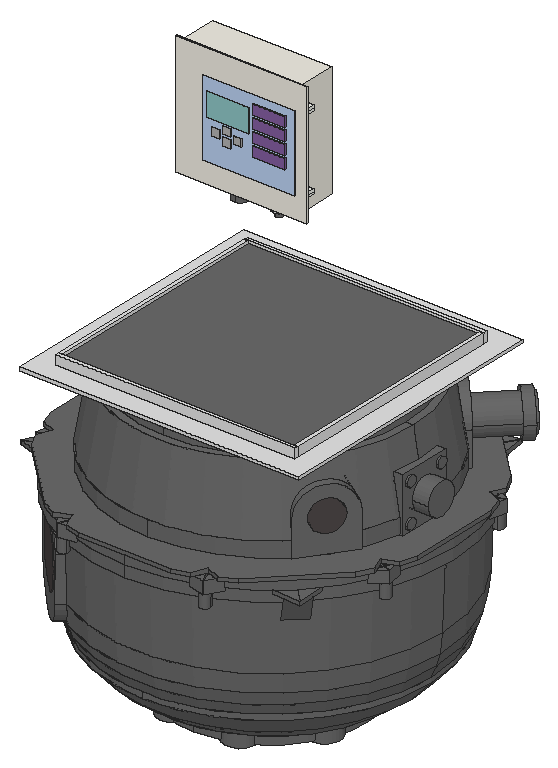
Revit family "280550sc (200)", category Generic Models, Revit 2021 (continued)
Definition of nested family "280550sc (200)_part2_X0Y0"
  Definition of nested family "280550sc (200)_part2_content"
    Forms (mm)
      Extrusion 16, solid, detail levels medium+fine
        sketch origin (-190, -190, 461) x (0, 1, 0) y (0, 0, 1)
          loop
            line (0, 7.5) -> (0, 0) -> (380, 0) -> (380, 7.5) -> (0, 7.5)
        from 0 to 380
      Extrusion 17, solid, detail levels medium+fine
        sketch origin (0, 0, 461) x (0, 1, 0) y (-1, 0, 0)
          loop
            circle (0, 0) r 208.5
        from 0 to 7.5
      Extrusion 18, solid, detail levels medium+fine
        sketch origin (-222, -222, 468.5) x (0, 1, 0) y (0, 0, 1)
          loop
            line (0, 5) -> (0, 0) -> (444, 0) -> (444, 5) -> (0, 5)
        from 0 to 444
      Extrusion 19, solid, detail levels medium+fine
        sketch origin (-184, -184, 473.5) x (0, 1, 0) y (0, 0, 1)
          loop
            line (0, 12) -> (0, 0) -> (368, 0) -> (368, 12) -> (0, 12)
        from 0 to 368
      Extrusion 20, solid, detail levels medium+fine
        sketch origin (0, 60, 320) x (0, -1, 0) y (0, 0, 1)
          loop
            line (0, 50) -> (0, 0) -> (120, 0) -> (120, 50) -> (0, 50)
        from 0 to 245.5
      Extrusion 21, solid, detail levels medium+fine
        sketch origin (0, 0, 370) x (0, -1, 0) y (0, 0, 1)
          loop
            circle (0, 0) r 60
        from 0 to 245.5
      Extrusion 22, solid, detail levels medium+fine
        sketch origin (-244, 0, 370) x (0, -1, 0) y (0, 0, 1)
          loop
            circle (0, 0) r 35.1
        from 0 to 1.75
      Extrusion 23, solid, detail levels medium+fine
        sketch origin (31.82, -31.82, 320) x (-0.707107, 0.707107, 0) y (0, 0, 1)
          loop
            line (0, 55.25) -> (0, 0) -> (90, 0) -> (90, 55.25) -> (0, 55.25)
        from 0 to 245.5
      Extrusion 24, solid, detail levels medium+fine
        sketch origin (0, 0, 375.25) x (-0.707107, 0.707107, 0) y (0, 0, 1)
          loop
            circle (0, 0) r 45
        from 0 to 245.5
      Extrusion 25, solid, detail levels medium+fine
        sketch origin (0, 0, 370) x (-0.707107, 0.707107, 0) y (0, 0, 1)
          loop
            circle (0, 0) r 27.7
        from 0 to 311.36
      Extrusion 26, solid, detail levels medium+fine
        sketch origin (0, 27.5, 332.75) x (0, 1, 0) y (0, 0, 1)
          loop
            circle (0, 0) r 8
        from 0 to 250
      Extrusion 27, solid, detail levels medium+fine
        sketch origin (0, -46.25, 320) x (0, 1, 0) y (0, 0, 1)
          loop
            line (0, 86.5) -> (0, 0) -> (86.5, 0) -> (86.5, 86.5) -> (0, 86.5)
        from 0 to 245.5
      Extrusion 28, solid, detail levels medium+fine
        sketch origin (0, -3, 363.25) x (0, 1, 0) y (0, 0, 1)
          loop
            circle (0, 0) r 24.75
        from 0 to 272.5
      Extrusion 29, solid, detail levels medium+fine
        sketch origin (0, 27.5, 393.75) x (0, 1, 0) y (0, 0, 1)
          loop
            circle (0, 0) r 8
        from 0 to 250
      Extrusion 30, solid, detail levels medium+fine
        sketch origin (0, -33.5, 332.75) x (0, 1, 0) y (0, 0, 1)
          loop
            circle (0, 0) r 8
        from 0 to 250
      Extrusion 31, solid, detail levels medium+fine
        sketch origin (0, -33.5, 393.75) x (0, 1, 0) y (0, 0, 1)
          loop
            circle (0, 0) r 8
        from 0 to 250
      Extrusion 32, solid, detail levels medium+fine
        sketch origin (-25.811, -36.862, 320) x (0.573577, 0.819152, 0) y (0, 0, 1)
          loop
            line (0, 55.25) -> (0, 0) -> (90, 0) -> (90, 55.25)
            arc (90, 55.25) -> (45, 100.25) -> (0, 55.25) r 45
        from 0 to 245.5
      Extrusion 33, solid, detail levels medium+fine
        sketch origin (199.873, -139.953, 375.25) x (0.573577, 0.819152, 0) y (0, 0, 1)
          loop
            circle (0, 0) r 25
        from 0 to 1.75
      Extrusion 34, solid, detail levels medium+fine
        sketch origin (-53.002, 127.957, 0) x (-0.92388, -0.382683, 0) y (0.382683, -0.92388, 0)
          loop
            circle (0, 0) r 25
        from 0 to 28.5
      Extrusion 35, solid, detail levels medium+fine
        sketch origin (-127.957, -53.002, 0) x (0.382683, -0.92388, 0) y (0.92388, 0.382683, 0)
          loop
            circle (0, 0) r 25
        from 0 to 28.5
      Extrusion 36, solid, detail levels medium+fine
        sketch origin (53.002, -127.957, 0) x (0.92388, 0.382683, 0) y (-0.382683, 0.92388, 0)
          loop
            circle (0, 0) r 25
        from 0 to 28.5
      Extrusion 37, solid, detail levels medium+fine
        sketch origin (53.002, 127.957, 0) x (-0.923879, 0.382684, 0) y (-0.382684, -0.923879, 0)
          loop
            circle (0, 0) r 25
        from 0 to 28.5
      Extrusion 38, solid, detail levels medium+fine
        sketch origin (-127.957, 53.002, 0) x (-0.382684, -0.923879, 0) y (0.923879, -0.382684, 0)
          loop
            circle (0, 0) r 25
        from 0 to 28.5
      Extrusion 39, solid, detail levels medium+fine
        sketch origin (-53.002, -127.957, 0) x (0.923879, -0.382684, 0) y (0.382684, 0.923879, 0)
          loop
            circle (0, 0) r 25
        from 0 to 28.5
      Extrusion 40, solid, detail levels medium+fine
        sketch origin (127.957, -53.002, 0) x (0.382684, 0.923879, 0) y (-0.923879, 0.382684, 0)
          loop
            circle (0, 0) r 25
        from 0 to 28.5
      Extrusion 41, solid, detail levels medium+fine
        sketch origin (127.957, 53.002, 0) x (-0.382683, 0.92388, 0) y (-0.92388, -0.382683, 0)
          loop
            circle (0, 0) r 25
        from 0 to 28.5
      Extrusion 42, solid, detail levels medium+fine
        sketch origin (0, 0, 209) x (0, -1, 0) y (0, 0, 1)
          loop
            line (-72.693, 35.337) -> (-68.918, -37.767)
            arc (-68.918, -37.767) -> (-63.198, -56.139) -> (-50.593, -70.678) r 46.983
            line (-50.593, -70.678) -> (-49.193, -71.697)
            arc (-49.193, -71.697) -> (-25.794, -83.147) -> (0, -86.788) r 83.079
            arc (0, -86.788) -> (25.794, -83.147) -> (49.193, -71.697) r 83.079
            line (49.193, -71.697) -> (50.593, -70.678)
            arc (50.593, -70.678) -> (63.198, -56.139) -> (68.918, -37.767) r 46.983
            line (68.918, -37.767) -> (72.693, 35.337)
            arc (72.693, 35.337) -> (71.616, 38.805) -> (69.783, 41.939) r 15.989
            arc (69.783, 41.939) -> (60.032, 51.336) -> (48.652, 58.679) r 69.984
            line (48.652, 58.679) -> (47.252, 59.417)
            arc (47.252, 59.417) -> (24.369, 68.322) -> (0, 71.344) r 99.373
            arc (0, 71.344) -> (-24.369, 68.322) -> (-47.252, 59.417) r 99.373
            line (-47.252, 59.417) -> (-48.652, 58.679)
            arc (-48.652, 58.679) -> (-60.032, 51.336) -> (-69.783, 41.939) r 69.984
            arc (-69.783, 41.939) -> (-71.616, 38.805) -> (-72.693, 35.337) r 15.989
        from 0 to 277.5
      Extrusion 43, solid, detail levels medium+fine
        sketch origin (0, 0, 209) x (0, -1, 0) y (0, 0, 1)
          loop
            circle (0, 0) r 55
        from 0 to 326
      Extrusion 44, solid, detail levels medium+fine
        sketch origin (0, 0, 209) x (0.707107, -0.707107, 0) y (0, 0, 1)
          loop
            line (-72.693, 35.337) -> (-68.918, -37.767)
            arc (-68.918, -37.767) -> (-63.198, -56.139) -> (-50.593, -70.678) r 46.983
            line (-50.593, -70.678) -> (-49.193, -71.697)
            arc (-49.193, -71.697) -> (-25.794, -83.147) -> (0, -86.788) r 83.079
            arc (0, -86.788) -> (25.794, -83.147) -> (49.193, -71.697) r 83.079
            line (49.193, -71.697) -> (50.593, -70.678)
            arc (50.593, -70.678) -> (63.198, -56.139) -> (68.918, -37.767) r 46.983
            line (68.918, -37.767) -> (72.693, 35.337)
            arc (72.693, 35.337) -> (71.616, 38.805) -> (69.783, 41.939) r 15.989
            arc (69.783, 41.939) -> (60.032, 51.336) -> (48.652, 58.679) r 69.984
            line (48.652, 58.679) -> (47.252, 59.417)
            arc (47.252, 59.417) -> (24.369, 68.322) -> (0, 71.344) r 99.373
            arc (0, 71.344) -> (-24.369, 68.322) -> (-47.252, 59.417) r 99.373
            line (-47.252, 59.417) -> (-48.652, 58.679)
            arc (-48.652, 58.679) -> (-60.032, 51.336) -> (-69.783, 41.939) r 69.984
            arc (-69.783, 41.939) -> (-71.616, 38.805) -> (-72.693, 35.337) r 15.989
        from 0 to 277.5
      Extrusion 45, solid, detail levels medium+fine
        sketch origin (0, 0, 209) x (-0.707107, -0.707107, 0) y (0, 0, 1)
          loop
            line (-72.693, 35.337) -> (-68.918, -37.767)
            arc (-68.918, -37.767) -> (-63.198, -56.139) -> (-50.593, -70.678) r 46.983
            line (-50.593, -70.678) -> (-49.193, -71.697)
            arc (-49.193, -71.697) -> (-25.794, -83.147) -> (0, -86.788) r 83.079
            arc (0, -86.788) -> (25.794, -83.147) -> (49.193, -71.697) r 83.079
            line (49.193, -71.697) -> (50.593, -70.678)
            arc (50.593, -70.678) -> (63.198, -56.139) -> (68.918, -37.767) r 46.983
            line (68.918, -37.767) -> (72.693, 35.337)
            arc (72.693, 35.337) -> (71.616, 38.805) -> (69.783, 41.939) r 15.989
            arc (69.783, 41.939) -> (60.032, 51.336) -> (48.652, 58.679) r 69.984
            line (48.652, 58.679) -> (47.252, 59.417)
            arc (47.252, 59.417) -> (24.369, 68.322) -> (0, 71.344) r 99.373
            arc (0, 71.344) -> (-24.369, 68.322) -> (-47.252, 59.417) r 99.373
            line (-47.252, 59.417) -> (-48.652, 58.679)
            arc (-48.652, 58.679) -> (-60.032, 51.336) -> (-69.783, 41.939) r 69.984
            arc (-69.783, 41.939) -> (-71.616, 38.805) -> (-72.693, 35.337) r 15.989
        from 0 to 277.5
      Extrusion 46, solid, detail levels medium+fine
        sketch origin (-195.161, -195.161, 209) x (0.707107, -0.707107, 0) y (0, 0, 1)
          loop
            circle (0, 0) r 50.1
        from 0 to 1.75
      Extrusion 47, solid, detail levels medium+fine
        sketch origin (-195.162, 195.162, 209) x (-0.707107, -0.707107, 0) y (0, 0, 1)
          loop
            circle (0, 0) r 50.1
        from 0 to 1.75
      Extrusion 48, solid, detail levels medium+fine
        sketch origin (220.165, 220.165, 370) x (-0.707107, 0.707107, 0) y (0, 0, 1)
          loop
            circle (0, 0) r 34.75
        from 0 to 15.7
      Extrusion 49, solid, detail levels medium+fine
        sketch origin (230.559, 230.559, 370) x (-0.707107, 0.707107, 0) y (0, 0, 1)
          loop
            circle (0, 0) r 27.7
        from 0 to 4.8
      Extrusion 50, solid, detail levels medium+fine
        sketch origin (232.893, 232.893, 370) x (-0.707107, 0.707107, 0) y (0, 0, 1)
          loop
            circle (0, 0) r 20
        from 0 to 1.7
      Extrusion 51, solid, detail levels medium+fine
        sketch origin (240.105, 225.963, 364) x (-0.707107, 0.707107, 0) y (0, 0, 1)
          loop
            circle (0, 0) r 4.2
        from 0 to 1.8
      Extrusion 52, solid, detail levels medium+fine
        sketch origin (240.105, 225.963, 376) x (-0.707107, 0.707107, 0) y (0, 0, 1)
          loop
            circle (0, 0) r 4.2
        from 0 to 1.8
      Extrusion 53, solid, detail levels medium+fine
        sketch origin (225.963, 240.105, 376) x (-0.707107, 0.707107, 0) y (0, 0, 1)
          loop
            circle (0, 0) r 4.2
        from 0 to 1.8
      Extrusion 54, solid, detail levels medium+fine
        sketch origin (225.963, 240.105, 364) x (-0.707107, 0.707107, 0) y (0, 0, 1)
          loop
            circle (0, 0) r 4.2
        from 0 to 1.8
      Extrusion 55, solid, detail levels medium+fine
        sketch origin (-259.107, -87.843, 294.5) x (-0.92388, -0.382683, 0) y (0, 0, -1)
          loop
            line (0, 48.5) -> (0, 0) -> (29.9, 0) -> (0, 48.5)
        from 0 to 36
      Extrusion 56, solid, detail levels medium+fine
        sketch origin (-272.082, -112.7, 273) x (0.382683, -0.92388, 0) y (0.92388, 0.382683, 0)
          loop
            circle (0, 0) r 7.75
        from 0 to 21.5
      Extrusion 57, solid, detail levels medium+fine
        sketch origin (-265.153, -109.83, 300) x (-0.92388, -0.382683, 0) y (-0.382683, 0.92388, 0)
          loop
            line (36.5, 0) -> (0, 0) -> (0, -32) -> (36.5, 0)
        from 0 to 5.5
      Extrusion 58, solid, detail levels medium+fine
        sketch origin (-265.153, -109.83, 314) x (-0.92388, -0.382683, 0) y (-0.382683, 0.92388, 0)
          loop
            line (17, 0) -> (0, 0) -> (0, -25) -> (17, 0)
        from 0 to 14
      Extrusion 59, solid, detail levels medium+fine
        sketch origin (-265.153, -109.83, 294.5) x (-0.382683, 0.92388, 0) y (-0.92388, -0.382683, 0)
          loop
            line (0, 36.5) -> (0, 0) -> (32, 0) -> (0, 36.5)
        from 0 to 5.5
      Extrusion 60, solid, detail levels medium+fine
        sketch origin (-265.153, -109.83, 300) x (-0.382683, 0.92388, 0) y (-0.92388, -0.382683, 0)
          loop
            line (0, 17) -> (0, 0) -> (25, 0) -> (0, 17)
        from 0 to 14
      Extrusion 61, solid, detail levels medium+fine
        sketch origin (-245.331, 121.102, 294.5) x (-0.923879, 0.382684, 0) y (0, 0, -1)
          loop
            line (0, 48.5) -> (0, 0) -> (29.9, 0) -> (0, 48.5)
        from 0 to 36
      Extrusion 62, solid, detail levels medium+fine
        sketch origin (-272.082, 112.7, 273) x (-0.382684, -0.923879, 0) y (0.923879, -0.382684, 0)
          loop
            circle (0, 0) r 7.75
        from 0 to 21.5
      Extrusion 63, solid, detail levels medium+fine
        sketch origin (-265.153, 109.83, 300) x (-0.923879, 0.382684, 0) y (0.382684, 0.923879, 0)
          loop
            line (36.5, 0) -> (0, 0) -> (0, -32) -> (36.5, 0)
        from 0 to 5.5
      Extrusion 64, solid, detail levels medium+fine
        sketch origin (-265.153, 109.83, 314) x (-0.923879, 0.382684, 0) y (0.382684, 0.923879, 0)
          loop
            line (17, 0) -> (0, 0) -> (0, -25) -> (17, 0)
        from 0 to 14
      Extrusion 65, solid, detail levels medium+fine
        sketch origin (-265.153, 109.83, 294.5) x (0.382684, 0.923879, 0) y (-0.923879, 0.382684, 0)
          loop
            line (0, 36.5) -> (0, 0) -> (32, 0) -> (0, 36.5)
        from 0 to 5.5
      Extrusion 66, solid, detail levels medium+fine
        sketch origin (-265.153, 109.83, 300) x (0.382684, 0.923879, 0) y (-0.923879, 0.382684, 0)
          loop
            line (0, 17) -> (0, 0) -> (25, 0) -> (0, 17)
        from 0 to 14
      Extrusion 67, solid, detail levels medium+fine
        sketch origin (-190, 184, 473.5) x (0, 1, 0) y (0, 0, 1)
          loop
            line (0, 15) -> (0, 0) -> (6, 0) -> (6, 15) -> (0, 15)
        from 0 to 380
      Extrusion 68, solid, detail levels medium+fine
        sketch origin (-190, -190, 473.5) x (0, 1, 0) y (0, 0, 1)
          loop
            line (0, 15) -> (0, 0) -> (6, 0) -> (6, 15) -> (0, 15)
        from 0 to 380
      Extrusion 69, solid, detail levels medium+fine
        sketch origin (-190, -184, 473.5) x (0, 1, 0) y (0, 0, 1)
          loop
            line (0, 15) -> (0, 0) -> (368, 0) -> (368, 15) -> (0, 15)
        from 0 to 6
      Extrusion 70, solid, detail levels medium+fine
        sketch origin (184, -184, 473.5) x (0, 1, 0) y (0, 0, 1)
          loop
            line (0, 15) -> (0, 0) -> (368, 0) -> (368, 15) -> (0, 15)
        from 0 to 6
      Extrusion 71, solid, detail levels medium+fine
        sketch origin (180.312, -205.768, 294.5) x (0.707106, -0.707107, 0) y (0, 0, -1)
          loop
            line (0, 48.5) -> (0, 0) -> (29.9, 0) -> (0, 48.5)
        from 0 to 36
      Extrusion 72, solid, detail levels medium+fine
        sketch origin (202.939, -202.939, 300) x (0.707106, -0.707107, 0) y (-0.707107, -0.707106, 0)
          loop
            line (36.5, 0) -> (0, 0) -> (0, -32) -> (36.5, 0)
        from 0 to 5.5
      Extrusion 73, solid, detail levels medium+fine
        sketch origin (202.939, -202.939, 294.5) x (-0.707107, -0.707106, 0) y (0.707106, -0.707107, 0)
          loop
            line (0, 36.5) -> (0, 0) -> (32, 0) -> (0, 36.5)
        from 0 to 5.5
      Extrusion 74, solid, detail levels medium+fine
        sketch origin (171.331, 213.304, 294.5) x (0.573577, 0.819151, 0) y (0, 0, -1)
          loop
            line (0, 48.5) -> (0, 0) -> (29.9, 0) -> (0, 48.5)
        from 0 to 36
      Extrusion 75, solid, detail levels medium+fine
        sketch origin (164.616, 235.097, 294.5) x (0.819151, -0.573577, 0) y (0.573577, 0.819151, 0)
          loop
            line (0, 36.5) -> (0, 0) -> (32, 0) -> (0, 36.5)
        from 0 to 5.5
      Extrusion 76, solid, detail levels medium+fine
        sketch origin (164.616, 235.097, 300) x (0.573577, 0.819151, 0) y (0.819151, -0.573577, 0)
          loop
            line (36.5, 0) -> (0, 0) -> (0, -32) -> (36.5, 0)
        from 0 to 5.5
      Extrusion 77, solid, detail levels medium+fine
        sketch origin (109.83, 265.153, 294.5) x (0.923879, -0.382684, 0) y (0.382684, 0.923879, 0)
          loop
            line (0, 17) -> (0, 0) -> (25, 0) -> (0, 17)
        from 0 to 19.5
      Extrusion 78, solid, detail levels medium+fine
        sketch origin (112.7, 272.082, 273) x (-0.923879, 0.382684, 0) y (-0.382684, -0.923879, 0)
          loop
            circle (0, 0) r 7.75
        from 0 to 21.5
      Extrusion 79, solid, detail levels medium+fine
        sketch origin (109.83, 265.153, 314) x (0.382684, 0.923879, 0) y (0.923879, -0.382684, 0)
          loop
            line (17, 0) -> (0, 0) -> (0, -25) -> (17, 0)
        from 0 to 19.5
      Extrusion 80, solid, detail levels medium+fine
        sketch origin (272.082, 112.7, 273) x (-0.382683, 0.92388, 0) y (-0.92388, -0.382683, 0)
          loop
            circle (0, 0) r 7.75
        from 0 to 21.5
      Extrusion 81, solid, detail levels medium+fine
        sketch origin (265.153, 109.83, 314) x (0.92388, 0.382683, 0) y (0.382683, -0.92388, 0)
          loop
            line (17, 0) -> (0, 0) -> (0, -25) -> (17, 0)
        from 0 to 19.5
      Extrusion 82, solid, detail levels medium+fine
        sketch origin (265.153, 109.83, 294.5) x (0.382683, -0.92388, 0) y (0.92388, 0.382683, 0)
          loop
            line (0, 17) -> (0, 0) -> (25, 0) -> (0, 17)
        from 0 to 19.5
      Extrusion 83, solid, detail levels medium+fine
        sketch origin (-112.7, 272.082, 273) x (-0.92388, -0.382683, 0) y (0.382683, -0.92388, 0)
          loop
            circle (0, 0) r 7.75
        from 0 to 21.5
      Extrusion 84, solid, detail levels medium+fine
        sketch origin (-109.83, 265.153, 314) x (-0.382683, 0.92388, 0) y (0.92388, 0.382683, 0)
          loop
            line (17, 0) -> (0, 0) -> (0, -25) -> (17, 0)
        from 0 to 19.5
      Extrusion 85, solid, detail levels medium+fine
        sketch origin (-109.83, 265.153, 294.5) x (0.92388, 0.382683, 0) y (-0.382683, 0.92388, 0)
          loop
            line (0, 17) -> (0, 0) -> (25, 0) -> (0, 17)
        from 0 to 19.5
      Extrusion 86, solid, detail levels medium+fine
        sketch origin (272.082, -112.7, 273) x (0.382684, 0.923879, 0) y (-0.923879, 0.382684, 0)
          loop
            circle (0, 0) r 7.75
        from 0 to 21.5
      Extrusion 87, solid, detail levels medium+fine
        sketch origin (265.153, -109.83, 294.5) x (-0.382684, -0.923879, 0) y (0.923879, -0.382684, 0)
          loop
            line (0, 17) -> (0, 0) -> (25, 0) -> (0, 17)
        from 0 to 19.5
      Extrusion 88, solid, detail levels medium+fine
        sketch origin (265.153, -109.83, 314) x (0.923879, -0.382684, 0) y (-0.382684, -0.923879, 0)
          loop
            line (17, 0) -> (0, 0) -> (0, -25) -> (17, 0)
        from 0 to 19.5
      Extrusion 89, solid, detail levels medium+fine
        sketch origin (112.7, -272.082, 273) x (0.92388, 0.382683, 0) y (-0.382683, 0.92388, 0)
          loop
            circle (0, 0) r 7.75
        from 0 to 21.5
      Extrusion 90, solid, detail levels medium+fine
        sketch origin (109.83, -265.153, 314) x (0.382683, -0.92388, 0) y (-0.92388, -0.382683, 0)
          loop
            line (17, 0) -> (0, 0) -> (0, -25) -> (17, 0)
        from 0 to 19.5
      Extrusion 91, solid, detail levels medium+fine
        sketch origin (109.83, -265.153, 294.5) x (-0.92388, -0.382683, 0) y (0.382683, -0.92388, 0)
          loop
            line (0, 17) -> (0, 0) -> (25, 0) -> (0, 17)
        from 0 to 19.5
      Extrusion 92, solid, detail levels medium+fine
        sketch origin (-112.7, -272.082, 273) x (0.923879, -0.382684, 0) y (0.382684, 0.923879, 0)
          loop
            circle (0, 0) r 7.75
        from 0 to 21.5
      Extrusion 93, solid, detail levels medium+fine
        sketch origin (-109.83, -265.153, 294.5) x (-0.923879, 0.382684, 0) y (-0.382684, -0.923879, 0)
          loop
            line (0, 17) -> (0, 0) -> (25, 0) -> (0, 17)
        from 0 to 19.5
      Extrusion 94, solid, detail levels medium+fine
        sketch origin (-109.83, -265.153, 314) x (-0.382684, -0.923879, 0) y (-0.923879, 0.382684, 0)
          loop
            line (17, 0) -> (0, 0) -> (0, -25) -> (17, 0)
        from 0 to 19.5
      Extrusion 95, solid, detail levels coarse
        sketch origin (-17.478, 0, 0) x (1, 0, 0) y (0, 1, 0)
          loop
            line (-308.522, -291.044) -> (308.522, -291.044) -> (308.522, 291.044) -> (-308.522, 291.044) -> (-308.522, -291.044)
        from 0 to 488.5
    Dimensions and locks
      aligned and locked: level to plane 2
